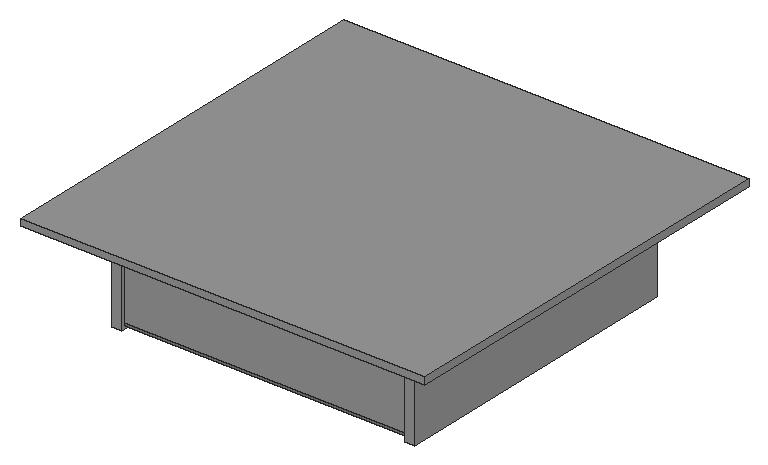
Revit family "Berica 2.0 M", category Lighting Fixtures, Revit 2020 (continued)
Definition of nested family "Light Source Berica 2.0"
  Types (4, lengths in mm): name | Photometric Web File | built-in parameter 1150142
      4 122.47 125.03 \r\n127.44 129.78 132.06 134.27 136.29 138.14 140.03 141.66 \r\n143.16 144.61 145.97 147.19 148.26 149.20 150.07 150.77 \r\n151.36 151.84 152.26 152.67 152.86 152.91 152.85 152.61 \r\n152.22 151.76 151.15 150.38 149.51 148.60 147.43 146.32 \r\n145.07 143.79 142.30 140.77 139.12 137.30 \r\n137.30 139.70 142.04 143.86 146.03 147.85 149.78 151.44 \r\n153.01 154.56 156.06 157.19 158.31 159.29 160.03 160.64 \r\n161.16 161.68 162.03 162.30 162.40 162.42 162.16 161.90 \r\n161.41 160.81 159.96 159.10 157.90 156.74 155.27 153.80 \r\n152.07 150.19 148.24 146.14 143.82 141.48 138.91 136.30 \r\n133.81 130.76 127.82 124.66 121.45 118.23 114.56 111.03 \r\n107.44 103.46 99.95 96.37 92.58 89.11 85.24 81.36 77.72 \r\n73.88 70.14 66.48 61.69 56.24 50.06 43.62 37.29 30.47 \r\n24.34 19.68 16.63 14.20 11.11 8.25 6.46 5.55 4.84 4.24 \r\n3.58 3.03 2.58 2.14 1.76 1.38 1.08 0.82 0.59 0.39 0.23 \r\n0.12 0.07 0.05 0.05 0.05 0.07 0.12 0.23 0.39 0.59 0.82 \r\n1.08 1.38 1.76 2.14 2.58 3.03 3.58 4.24 4.84 5.55 6.46 \r\n8.25 11.11 14.20 16.63 19.68 24.34 30.47 37.29 43.62 \r\n50.06 56.24 61.69 66.48 70.14 73.88 77.72 81.36 85.24 \r\n89.11 92.58 96.37 99.95 103.46 107.44 111.03 114.56 \r\n118.23 121.45 124.66 127.82 130.76 133.81 136.30 138.91 \r\n141.48 143.82 146.14 148.24 150.19 152.07 153.80 155.27 \r\n156.74 157.90 159.10 159.96 160.81 161.41 161.90 162.16 \r\n162.42 162.40 162.30 162.03 161.68 161.16 160.64 160.03 \r\n159.29 158.31 157.19 156.06 154.56 153.01 151.44 149.78 \r\n147.85 146.03 143.86 142.04 139.70 137.30 \r\n137.30 140.16 143.06 145.38 148.06 150.47 152.93 155.16 \r\n157.36 159.41 161.22 162.84 164.40 165.76 167.21 168.44 \r\n169.63 170.61 171.44 172.12 172.57 172.94 173.10 173.07 \r\n172.84 172.46 171.84 171.09 170.18 168.95 167.75 166.18 \r\n164.48 162.67 160.67 158.61 156.10 153.65 150.90 148.26 \r\n144.98 141.71 138.01 134.72 131.29 127.64 124.18 120.48 \r\n116.78 112.66 108.92 104.73 100.86 96.41 91.67 85.11 \r\n77.19 68.95 60.77 51.74 42.27 33.64 25.85 21.36 18.09 \r\n14.94 10.94 7.20 4.91 4.06 3.52 3.12 2.66 2.25 1.86 1.61 \r\n1.39 1.17 0.98 0.79 0.63 0.48 0.37 0.26 0.19 0.13 0.08 \r\n0.05 0.04 0.04 0.04 0.04 0.04 0.05 0.08 0.13 0.19 0.26 \r\n0.37 0.48 0.63 0.79 0.98 1.17 1.39 1.61 1.86 2.25 2.66 \r\n3.12 3.52 4.06 4.91 7.20 10.94 14.94 18.09 21.36 25.85 \r\n33.64 42.27 51.74 60.77 68.95 77.19 85.11 91.67 96.41 \r\n100.86 104.73 108.92 112.66 116.78 120.48 124.18 127.64 \r\n131.29 134.72 138.01 141.71 144.98 148.26 150.90 153.65 \r\n156.10 158.61 160.67 162.67 164.48 166.18 167.75 168.95 \r\n170.18 171.09 171.84 172.46 172.84 173.07 173.10 172.94 \r\n172.57 172.12 171.44 170.61 169.63 168.44 167.21 165.76 \r\n164.40 162.84 161.22 159.41 157.36 155.16 152.93 150.47 \r\n148.06 145.38 143.06 140.16 137.30 \r\n137.30 140.89 144.32 147.29 150.23 153.33 156.18 159.03 \r\n161.66 164.10 166.40 168.62 170.55 172.95 174.67 176.46 \r\n178.01 179.47 180.66 181.63 182.45 183.01 183.41 183.56 \r\n183.45 183.22 182.69 182.06 181.08 179.94 178.64 177.13 \r\n175.28 173.32 170.89 168.52 165.67 162.60 159.65 156.36 \r\n153.39 149.78 146.28 142.51 138.59 134.77 130.71 126.26 \r\n122.15 117.22 110.16 101.17 91.44 81.88 71.03 59.41 49.64 \r\n40.29 30.72 24.85 21.09 17.23 12.47 7.81 4.48 2.82 2.29 \r\n1.99 1.66 1.37 1.09 0.80 0.67 0.61 0.54 0.48 0.42 0.35 \r\n0.29 0.24 0.19 0.14 0.11 0.08 0.06 0.05 0.04 0.04 0.03 \r\n0.03 0.03 0.03 0.03 0.04 0.04 0.05 0.06 0.08 0.11 0.14 \r\n0.19 0.24 0.29 0.35 0.42 0.48 0.54 0.61 0.67 0.80 1.09 \r\n1.37 1.66 1.99 2.29 2.82 4.48 7.81 12.47 17.23 21.09 \r\n24.85 30.72 40.29 49.64 59.41 71.03 81.88 91.44 101.17 \r\n110.16 117.22 122.15 126.26 130.71 134.77 138.59 142.51 \r\n146.28 149.78 153.39 156.36 159.65 162.60 165.67 168.52 \r\n170.89 173.32 175.28 177.13 178.64 179.94 181.08 182.06 \r\n182.69 183.22 183.45 183.56 183.41 183.01 182.45 181.63 \r\n180.66 179.47 178.01 176.46 174.67 172.95 170.55 168.62 \r\n166.40 164.10 161.66 159.03 156.18 153.33 150.23 147.29 \r\n144.32 140.89 137.30 \r\n137.30 141.37 145.14 148.78 152.20 155.75 158.97 162.37 \r\n165.49 168.42 171.02 173.91 176.53 179.08 181.49 183.61 \r\n185.47 187.24 188.67 189.96 190.90 191.58 192.12 192.29 \r\n192.30 192.09 191.53 190.76 189.77 188.44 186.95 185.17 \r\n182.87 180.22 177.47 174.56 171.65 168.39 165.12 161.55 \r\n157.86 153.92 149.68 145.40 140.86 135.54 128.14 117.71 \r\n106.86 95.27 83.42 70.64 59.17 48.84 39.34 31.06 25.73 \r\n22.42 17.65 12.47 7.62 4.00 2.17 1.80 1.51 1.22 0.96 0.72 \r\n0.42 0.19 0.17 0.15 0.14 0.13 0.12 0.11 0.10 0.09 0.08 \r\n0.07 0.06 0.05 0.05 0.04 0.03 0.03 0.03 0.03 0.03 0.03 \r\n0.03 0.03 0.03 0.03 0.03 0.03 0.03 0.04 0.05 0.05 0.06 \r\n0.07 0.08 0.09 0.10 0.11 0.12 0.13 0.14 0.15 0.17 0.19 \r\n0.42 0.72 0.96 1.22 1.51 1.80 2.17 4.00 7.62 12.47 17.65 \r\n22.42 25.73 31.06 39.34 48.84 59.17 70.64 83.42 95.27 \r\n106.86 117.71 128.14 135.54 140.86 145.40 149.68 153.92 \r\n157.86 161.55 165.12 168.39 171.65 174.56 177.47 180.22 \r\n182.87 185.17 186.95 188.44 189.77 190.76 191.53 192.09 \r\n192.30 192.29 192.12 191.58 190.90 189.96 188.67 187.24 \r\n185.47 183.61 181.49 179.08 176.53 173.91 171.02 168.42 \r\n165.49 162.37 158.97 155.75 152.20 148.78 145.14 141.37 \r\n137.30 \r\n137.30 142.06 146.28 150.28 154.29 158.31 161.98 165.76 \r\n169.34 172.74 176.03 179.45 182.31 185.36 188.18 190.58 \r\n192.86 194.74 196.35 197.71 198.83 199.52 200.04 200.19 \r\n200.15 199.85 199.13 198.09 196.65 194.67 192.55 190.02 \r\n187.64 184.81 181.70 178.46 174.94 170.85 166.85 162.47 \r\n158.48 153.61 147.12 136.83 125.43 113.00 100.13 86.36 \r\n72.85 61.64 50.60 41.94 32.23 27.66 23.86 19.15 13.43 \r\n8.90 4.76 2.59 1.99 1.68 1.38 1.10 0.87 0.58 0.26 0.08 \r\n0.07 0.06 0.06 0.06 0.05 0.05 0.05 0.04 0.04 0.04 0.03 \r\n0.03 0.03 0.03 0.02 0.02 0.02 0.02 0.02 0.02 0.02 0.02 \r\n0.02 0.02 0.02 0.02 0.02 0.02 0.02 0.02 0.02 0.03 0.03 \r\n0.03 0.03 0.04 0.04 0.04 0.05 0.05 0.05 0.06 0.06 0.06 \r\n0.07 0.08 0.26 0.58 0.87 1.10 1.38 1.68 1.99 2.59 4.76 \r\n8.90 13.43 19.15 23.86 27.66 32.23 41.94 50.60 61.64 \r\n72.85 86.36 100.13 113.00 125.43 136.83 147.12 153.61 \r\n158.48 162.47 166.85 170.85 174.94 178.46 181.70 184.81 \r\n187.64 190.02 192.55 194.67 196.65 198.09 199.13 199.85 \r\n200.15 200.19 200.04 199.52 198.83 197.71 196.35 194.74 \r\n192.86 190.58 188.18 185.36 182.31 179.45 176.03 172.74 \r\n169.34 165.76 161.98 158.31 154.29 150.28 146.28 142.06 \r\n137.30 \r\n137.30 142.51 147.02 151.45 156.05 160.24 164.74 168.71 \r\n172.72 176.57 180.69 184.14 187.59 190.69 193.87 196.63 \r\n198.88 200.93 202.68 204.05 205.05 205.81 206.19 206.23 \r\n205.97 205.25 204.04 202.20 200.16 197.78 195.43 192.77 \r\n189.58 186.19 182.38 178.40 173.94 169.36 164.55 158.32 \r\n148.65 135.51 122.61 107.86 93.32 78.38 66.52 54.94 45.65 \r\n36.24 30.15 26.35 22.04 16.36 11.09 7.14 3.72 2.27 1.94 \r\n1.66 1.37 1.09 0.85 0.54 0.20 0.03 0.02 0.02 0.02 0.02 \r\n0.02 0.02 0.02 0.02 0.02 0.02 0.02 0.02 0.02 0.02 0.02 \r\n0.02 0.02 0.02 0.02 0.02 0.02 0.02 0.02 0.02 0.02 0.02 \r\n0.02 0.02 0.02 0.02 0.02 0.02 0.02 0.02 0.02 0.02 0.02 \r\n0.02 0.02 0.02 0.02 0.02 0.02 0.02 0.02 0.02 0.02 0.02 \r\n0.02 0.03 0.20 0.54 0.85 1.09 1.37 1.66 1.94 2.27 3.72 \r\n7.14 11.09 16.36 22.04 26.35 30.15 36.24 45.65 54.94 \r\n66.52 78.38 93.32 107.86 122.61 135.51 148.65 158.32 \r\n164.55 169.36 173.94 178.40 182.38 186.19 189.58 192.77 \r\n195.43 197.78 200.16 202.20 204.04 205.25 205.97 206.23 \r\n206.19 205.81 205.05 204.05 202.68 200.93 198.88 196.63 \r\n193.87 190.69 187.59 184.14 180.69 176.57 172.72 168.71 \r\n164.74 160.24 156.05 151.45 147.02 142.51 137.30 \r\n137.30 143.32 148.07 153.15 157.80 162.67 167.34 171.68 \r\n176.24 180.26 184.73 188.72 192.51 196.28 199.38 202.25 \r\n204.71 206.73 208.46 209.86 210.82 211.37 211.62 211.30 \r\n210.48 209.21 207.23 205.06 202.63 199.84 196.68 193.43 \r\n189.49 185.33 180.51 175.71 170.41 162.97 150.41 136.79 \r\n121.81 106.83 90.15 74.86 63.45 52.64 43.32 34.39 29.32 \r\n25.77 21.01 15.36 10.50 6.65 3.52 2.27 1.95 1.69 1.40 \r\n1.15 0.90 0.58 0.28 0.05 0.02 0.02 0.02 0.01 0.01 0.01 \r\n0.01 0.01 0.01 0.01 0.01 0.01 0.01 0.01 0.01 0.01 0.01 \r\n0.01 0.01 0.01 0.01 0.01 0.01 0.01 0.01 0.01 0.01 0.01 \r\n0.01 0.01 0.01 0.01 0.01 0.01 0.01 0.01 0.01 0.01 0.01 \r\n0.01 0.01 0.01 0.01 0.01 0.01 0.01 0.01 0.01 0.01 0.01 \r\n0.02 0.02 0.02 0.05 0.28 0.58 0.90 1.15 1.40 1.69 1.95 \r\n2.27 3.52 6.65 10.50 15.36 21.01 25.77 29.32 34.39 43.32 \r\n52.64 63.45 74.86 90.15 106.83 121.81 136.79 150.41 \r\n162.97 170.41 175.71 180.51 185.33 189.49 193.43 196.68 \r\n199.84 202.63 205.06 207.23 209.21 210.48 211.30 211.62 \r\n211.37 210.82 209.86 208.46 206.73 204.71 202.25 199.38 \r\n196.28 192.51 188.72 184.73 180.26 176.24 171.68 167.34 \r\n162.67 157.80 153.15 148.07 143.32 137.30 \r\n137.30 142.56 148.55 153.40 158.79 164.05 168.48 173.63 \r\n178.13 183.22 187.66 191.99 195.78 199.83 202.92 206.03 \r\n208.33 210.51 212.14 213.36 214.11 214.54 214.36 213.61 \r\n212.10 210.17 207.83 205.41 202.39 199.02 194.90 190.77 \r\n185.96 180.99 175.24 168.18 155.97 141.29 126.15 108.57 \r\n92.13 76.12 64.16 52.52 44.05 34.79 29.53 25.77 21.23 \r\n15.86 10.84 6.96 3.90 2.38 2.03 1.76 1.53 1.25 1.00 0.73 \r\n0.40 0.13 0.02 0.02 0.01 0.01 0.01 0.01 0.01 0.01 0.01 \r\n0.01 0.01 0.01 0.01 0.01 0.01 0.01 0.01 0.01 0.01 0.01 \r\n0.01 0.01 0.01 0.01 0.01 0.01 0.01 0.01 0.01 0.01 0.01 \r\n0.01 0.01 0.01 0.01 0.01 0.01 0.01 0.01 0.01 0.01 0.01 \r\n0.01 0.01 0.01 0.01 0.01 0.01 0.01 0.01 0.01 0.01 0.01 \r\n0.01 0.01 0.02 0.02 0.13 0.40 0.73 1.00 1.25 1.53 1.76 \r\n2.03 2.38 3.90 6.96 10.84 15.86 21.23 25.77 29.53 34.79 \r\n44.05 52.52 64.16 76.12 92.13 108.57 126.15 141.29 155.97 \r\n168.18 175.24 180.99 185.96 190.77 194.90 199.02 202.39 \r\n205.41 207.83 210.17 212.10 213.61 214.36 214.54 214.11 \r\n213.36 212.14 210.51 208.33 206.03 202.92 199.83 195.78 \r\n191.99 187.66 183.22 178.13 173.63 168.48 164.05 158.79 \r\n153.40 148.55 142.56 137.30 \r\n137.30 143.51 149.29 155.16 160.66 166.13 171.03 176.54 \r\n181.47 186.64 191.35 195.89 199.91 204.34 207.55 210.59 \r\n212.98 214.98 216.49 217.67 218.18 218.14 217.41 216.08 \r\n214.09 211.82 209.04 205.67 201.95 197.86 193.10 187.90 \r\n183.02 176.17 166.51 150.73 134.76 116.54 100.08 81.72 \r\n68.12 56.28 47.14 38.17 30.95 27.04 22.77 17.73 12.35 \r\n8.27 5.29 2.85 2.21 1.91 1.68 1.40 1.15 0.92 0.60 0.29 \r\n0.06 0.02 0.01 0.01 0.01 0.01 0.01 0.01 0.01 0.01 0.01 \r\n0.01 0.01 0.01 0.01 0.01 0.01 0.01 0.01 0.01 0.01 0.01 \r\n0.01 0.01 0.01 0.01 0.01 0.01 0.01 0.01 0.01 0.01 0.01 \r\n0.01 0.01 0.01 0.01 0.01 0.01 0.01 0.01 0.01 0.01 0.01 \r\n0.01 0.01 0.01 0.01 0.01 0.01 0.01 0.01 0.01 0.01 0.01 \r\n0.01 0.01 0.01 0.01 0.02 0.06 0.29 0.60 0.92 1.15 1.40 \r\n1.68 1.91 2.21 2.85 5.29 8.27 12.35 17.73 22.77 27.04 \r\n30.95 38.17 47.14 56.28 68.12 81.72 100.08 116.54 134.76 \r\n150.73 166.51 176.17 183.02 187.90 193.10 197.86 201.95 \r\n205.67 209.04 211.82 214.09 216.08 217.41 218.14 218.18 \r\n217.67 216.49 214.98 212.98 210.59 207.55 204.34 199.91 \r\n195.89 191.35 186.64 181.47 176.54 171.03 166.13 160.66 \r\n155.16 149.29 143.51 137.30 \r\n137.30 143.95 150.06 155.91 161.97 167.55 173.17 178.39 \r\n184.23 189.43 194.37 199.12 203.40 207.42 210.74 213.82 \r\n216.31 218.26 219.67 220.57 220.80 220.18 218.91 217.04 \r\n214.84 212.24 208.65 204.93 200.41 195.55 190.18 184.52 \r\n177.70 165.54 149.95 130.90 113.35 94.78 77.57 63.85 \r\n53.69 43.61 35.34 29.16 25.56 20.68 15.42 10.73 7.17 4.62 \r\n2.52 2.14 1.85 1.65 1.35 1.12 0.87 0.56 0.24 0.04 0.01 \r\n0.01 0.01 0.01 0.01 0.01 0.01 0.01 0.01 0.01 0.01 0.01 \r\n0.01 0.01 0.01 0.01 0.01 0.01 0.01 0.01 0.01 0.01 0.01 \r\n0.01 0.01 0.01 0.01 0.01 0.01 0.01 0.01 0.01 0.01 0.01 \r\n0.01 0.01 0.01 0.01 0.01 0.01 0.01 0.01 0.01 0.01 0.01 \r\n0.01 0.01 0.01 0.01 0.01 0.01 0.01 0.01 0.01 0.01 0.01 \r\n0.01 0.01 0.01 0.01 0.01 0.04 0.24 0.56 0.87 1.12 1.35 \r\n1.65 1.85 2.14 2.52 4.62 7.17 10.73 15.42 20.68 25.56 \r\n29.16 35.34 43.61 53.69 63.85 77.57 94.78 113.35 130.90 \r\n149.95 165.54 177.70 184.52 190.18 195.55 200.41 204.93 \r\n208.65 212.24 214.84 217.04 218.91 220.18 220.80 220.57 \r\n219.67 218.26 216.31 213.82 210.74 207.42 203.40 199.12 \r\n194.37 189.43 184.23 178.39 173.17 167.55 161.97 155.91 \r\n150.06 143.95 137.30 \r\n137.30 144.44 150.84 157.01 163.20 168.74 174.75 180.24 \r\n186.38 191.34 196.69 201.43 206.34 210.09 213.55 216.60 \r\n218.87 220.66 221.99 222.68 222.54 221.53 219.77 217.63 \r\n215.04 211.82 207.91 203.40 198.40 192.95 187.05 180.15 \r\n167.82 150.94 132.71 114.61 94.32 76.77 63.26 51.88 43.08 \r\n34.64 28.90 24.97 20.41 14.82 10.42 6.73 4.25 2.54 2.13 \r\n1.86 1.64 1.37 1.12 0.86 0.58 0.29 0.05 0.01 0.01 0.01 \r\n0.01 0.01 0.01 0.01 0.01 0.01 0.01 0.01 0.01 0.01 0.01 \r\n0.01 0.01 0.01 0.01 0.02 0.02 0.02 0.02 0.02 0.02 0.02 \r\n0.02 0.02 0.02 0.02 0.02 0.02 0.02 0.02 0.02 0.02 0.02 \r\n0.02 0.02 0.02 0.02 0.02 0.02 0.02 0.02 0.02 0.01 0.01 \r\n0.01 0.01 0.01 0.01 0.01 0.01 0.01 0.01 0.01 0.01 0.01 \r\n0.01 0.01 0.01 0.01 0.01 0.05 0.29 0.58 0.86 1.12 1.37 \r\n1.64 1.86 2.13 2.54 4.25 6.73 10.42 14.82 20.41 24.97 \r\n28.90 34.64 43.08 51.88 63.26 76.77 94.32 114.61 132.71 \r\n150.94 167.82 180.15 187.05 192.95 198.40 203.40 207.91 \r\n211.82 215.04 217.63 219.77 221.53 222.54 222.68 221.99 \r\n220.66 218.87 216.60 213.55 210.09 206.34 201.43 196.69 \r\n191.34 186.38 180.24 174.75 168.74 163.20 157.01 150.84 \r\n144.44 137.30 \r\n137.30 144.97 150.95 157.84 163.88 170.28 175.59 181.73 \r\n187.82 193.56 198.78 203.50 208.22 212.06 215.67 218.52 \r\n220.98 222.54 223.80 224.18 223.69 222.32 220.42 217.87 \r\n215.12 211.04 206.80 202.03 196.45 190.37 183.91 174.05 \r\n157.56 138.22 119.95 99.25 79.90 65.48 53.44 44.72 36.14 \r\n29.42 25.77 21.21 15.74 10.96 7.35 4.74 2.69 2.18 1.92 \r\n1.70 1.47 1.19 0.94 0.68 0.35 0.12 0.01 0.01 0.01 0.01 \r\n0.01 0.01 0.01 0.01 0.01 0.01 0.01 0.01 0.01 0.01 0.01 \r\n0.02 0.02 0.02 0.02 0.02 0.03 0.03 0.03 0.03 0.03 0.04 \r\n0.04 0.04 0.04 0.04 0.04 0.04 0.04 0.04 0.04 0.04 0.04 \r\n0.04 0.04 0.04 0.03 0.03 0.03 0.03 0.03 0.02 0.02 0.02 \r\n0.02 0.02 0.01 0.01 0.01 0.01 0.01 0.01 0.01 0.01 0.01 \r\n0.01 0.01 0.01 0.01 0.01 0.01 0.12 0.35 0.68 0.94 1.19 \r\n1.47 1.70 1.92 2.18 2.69 4.74 7.35 10.96 15.74 21.21 \r\n25.77 29.42 36.14 44.72 53.44 65.48 79.90 99.25 119.95 \r\n138.22 157.56 174.05 183.91 190.37 196.45 202.03 206.80 \r\n211.04 215.12 217.87 220.42 222.32 223.69 224.18 223.80 \r\n222.54 220.98 218.52 215.67 212.06 208.22 203.50 198.78 \r\n193.56 187.82 181.73 175.59 170.28 163.88 157.84 150.95 \r\n144.97 137.30 \r\n137.30 144.58 151.03 157.74 164.37 170.12 176.16 182.08 \r\n188.24 194.09 199.60 204.19 209.08 212.96 216.58 219.33 \r\n221.65 223.41 224.28 224.42 223.75 222.22 220.07 217.41 \r\n214.12 209.81 205.50 200.36 194.43 188.08 180.54 166.56 \r\n147.80 129.30 109.94 89.09 71.27 58.63 47.97 39.64 31.75 \r\n27.03 22.87 17.86 12.50 8.75 5.69 3.51 2.34 2.02 1.79 \r\n1.57 1.32 1.06 0.81 0.48 0.23 0.03 0.01 0.01 0.01 0.01 \r\n0.01 0.01 0.01 0.01 0.01 0.01 0.01 0.01 0.02 0.02 0.02 \r\n0.02 0.03 0.03 0.03 0.04 0.04 0.04 0.04 0.05 0.05 0.05 \r\n0.05 0.05 0.06 0.06 0.06 0.06 0.06 0.06 0.06 0.06 0.06 \r\n0.05 0.05 0.05 0.05 0.05 0.04 0.04 0.04 0.04 0.03 0.03 \r\n0.03 0.02 0.02 0.02 0.02 0.01 0.01 0.01 0.01 0.01 0.01 \r\n0.01 0.01 0.01 0.01 0.01 0.01 0.03 0.23 0.48 0.81 1.06 \r\n1.32 1.57 1.79 2.02 2.34 3.51 5.69 8.75 12.50 17.86 22.87 \r\n27.03 31.75 39.64 47.97 58.63 71.27 89.09 109.94 129.30 \r\n147.80 166.56 180.54 188.08 194.43 200.36 205.50 209.81 \r\n214.12 217.41 220.07 222.22 223.75 224.42 224.28 223.41 \r\n221.65 219.33 216.58 212.96 209.08 204.19 199.60 194.09 \r\n188.24 182.08 176.16 170.12 164.37 157.74 151.03 144.58 \r\n137.30 \r\n137.30 144.99 151.67 157.75 164.48 170.81 176.93 183.21 \r\n189.25 195.00 200.62 205.62 210.29 214.43 217.83 220.70 \r\n222.75 224.42 225.31 225.32 224.50 222.79 220.72 217.70 \r\n214.28 210.14 205.18 199.80 193.61 186.96 178.04 162.95 \r\n143.06 124.54 102.65 84.20 67.24 55.45 45.41 36.99 29.53 \r\n25.60 21.44 16.11 11.29 7.41 5.02 2.80 2.22 1.95 1.73 \r\n1.50 1.24 0.99 0.73 0.39 0.16 0.02 0.01 0.01 0.01 0.01 \r\n0.01 0.01 0.01 0.01 0.01 0.01 0.02 0.02 0.02 0.02 0.03 \r\n0.03 0.04 0.04 0.04 0.05 0.05 0.05 0.05 0.05 0.06 0.06 \r\n0.06 0.06 0.06 0.06 0.06 0.06 0.06 0.06 0.06 0.06 0.06 \r\n0.06 0.06 0.06 0.06 0.05 0.05 0.05 0.05 0.05 0.04 0.04 \r\n0.04 0.03 0.03 0.02 0.02 0.02 0.02 0.01 0.01 0.01 0.01 \r\n0.01 0.01 0.01 0.01 0.01 0.01 0.02 0.16 0.39 0.73 0.99 \r\n1.24 1.50 1.73 1.95 2.22 2.80 5.02 7.41 11.29 16.11 21.44 \r\n25.60 29.53 36.99 45.41 55.45 67.24 84.20 102.65 124.54 \r\n143.0
